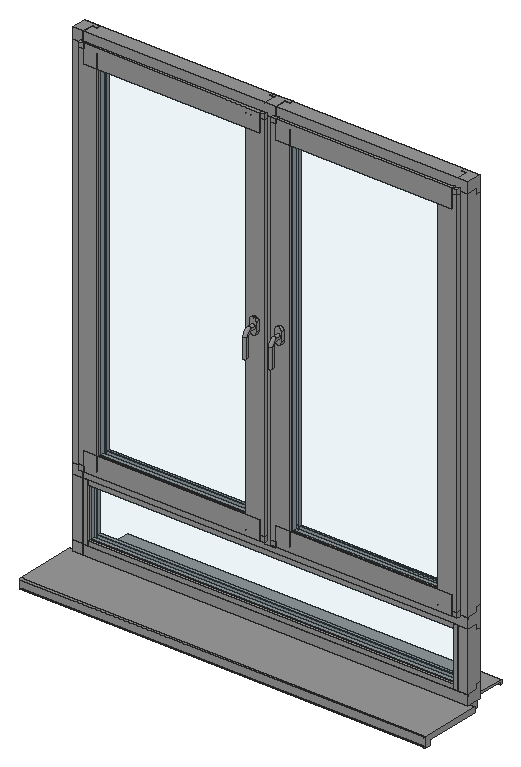
Revit family "deceuninck_okonniy_blok_dvustvorchatiy_s_framugoi_snizu", category Окна, Revit 2016
Family settings
  Основа = Стена
  Номер OmniClass = 23.30.20.00
  Заголовок OmniClass = Windows
  Всегда вертикально = Да
  При загрузке вырезать с полостями = Нет
  Общий = Нет
  Точка расчета площади = Нет
Parameters (values of type "Энвин ЭКО-60")
  Ширина профиля = 60 mm
  Ширина проема [instance] = ADSK_Ширина рамы + Монтажный зазор.Левый + Монтажный зазор.Правый  # 1640 mm
  Шир прав створка [instance] = if(Одинаковые створки, ADSK_Ширина рамы / 2, Створка правая.Ширина)  # 800 mm
  Четверть.Ширина [instance] = 65 mm
  Четверть.Правая [instance] = if(and(Четверть правая.Видимость, Четверть), Четверть.Ширина, 0 mm)  # 65 mm
  Четверть.Левая [instance] = if(and(Четверть левая.Видимость, Четверть), Четверть.Ширина, 0 mm)  # 65 mm
  Четверть.Глубина [instance] = 120 mm
  Четверть.Высота [instance] = 65 mm
  Четверть правая.Видимость [instance] = yes
  Четверть левая.Видимость [instance] = yes
  Четверть.Врхняя [instance] = if(Четверть, Четверть.Высота, 0 mm)  # 65 mm
  Четверть [instance] = yes
  Цвет профиля = ""
  Фрамуга нижняя.Высота [instance] = ADSK_Высота рамы - Высота створки  # 300 mm
  Формула стеклопакета = ""
  Толщина стеклопакета = "32"
  Стеклопакет.Толщина = 32 mm
  Створка правая.Ширина [instance] = 800 mm
  Створка правая [instance] = stvorka : Поворотная право
  Створка левая.Ширина [instance] = ADSK_Ширина рамы - Шир прав створка  # 800 mm
  Створка левая [instance] = stvorka : Поворотная лево
  Система фурнитуры [instance] = ""
  Расчетное значение ветровой нагрузки [instance] = 400
  Рама.Окно.Ширина [instance] = 1600 mm
  Рама.Окно.Высота [instance] = 1900 mm
  Профильная система = "Энвин ЭКО 60"
  Проем.Окно.Ширина [instance] = 1640 mm
  Проем.Окно.Высота [instance] = 1955 mm
  Приточный клапан [instance] = no
  Watermarked By = ""
  Rough Width = 0 mm  # constant formula
  Rough Height = 0 mm  # constant formula
  Подоконник.Глубина [instance] = 0 mm
  Подоконник. Видимость [instance] = yes
  Подоконник [instance] = podokonnik : ПВХ 250
  Площаль элемента [instance] = ADSK_Ширина рамы * ADSK_Высота рамы / 1000000 mm  # 3.04 mm
  Отлив.Свес [instance] = 35 mm
  Отлив.Видимость [instance] = yes
  Откосы.Глубина [instance] = 310 mm
  Одинаковые створки [instance] = no
  Огнестойкость = "E-15"
  Наименование = "Окно 2-створчатое с фрамугой снизу\n Энвин ЭКО-60"
  Монтажный зазор.Спереди [instance] = 10 mm
  Монтажный зазор.Правый [instance] = if(Четверть правая.Видимость, Монтажный зазор.Боковой, 0 mm)  # 20 mm
  Монтажный зазор.Низ [instance] = 10 mm
  Монтажный зазор.Левый [instance] = if(Четверть левая.Видимость, Монтажный зазор.Боковой, 0 mm)  # 20 mm
  Монтажный зазор.Верх [instance] = 20 mm
  Монтажный зазор.Боковой = 20 mm
  Материал-Стеклопакет = none
  Материал-Рама = none
  Материал-Подоконник = ПВХ, белый
  Материал-Отлив = Лист оцинкованый, белый
  Класс профиля = "Тип В"
  Завод-изготовитель [instance] = "ООО Декёнинк Рус, Россия"  # constant formula
  ГОСТ = "ГОСТ 30673-2013"
  Высота створки [instance] = 1600 mm
  Высота профиля створки = 76 mm
  Высота профиля рамы = 62 mm
  Высота профиля имоста = 82 mm
  Высота проема [instance] = ADSK_Высота рамы + 25 mm + Монтажный зазор.Верх + Монтажный зазор.Низ  # 1955 mm
  Height = 0 mm  # constant formula
  Высота подоконника по умолчанию = 800 mm
  Замыкание стены = По основе
  Width = 0 mm  # constant formula
  Артикул створки/армирование рстворки = "ZE 60D  /  AR1"
  Артикул рамы/армирование рамы = "LE 60D  /  AR1"
  Артикул импоста/армирование импоста = "TE 60D  /  20 x 35"
  Аналитическая конструкция = "<Нет>"
  λ краевой зоны стеклопакета = 0.0600 (m²·K)/W
  Rстеклопакета = 0.7600 (m²·K)/W
  Rпрофиля = 0.6800 (m²·K)/W
  Rпривед [instance] = 1 / (((Ширина профиля / 1000 mm) * (5.4 - 4 * (Ширина профиля / 1000 mm)) / (1.8 * Rпрофиля / Rед)) + ((1.2 - 2 * (Ширина профиля / 1000 mm)) * (1.5 - 2 * (Ширина профиля / 1000 mm)) / (1.8 * Rстеклопакета / Rед)) + (5.4 - 8 * (Ширина профиля / 1000 mm)) * (λ краевой зоны стеклопакета / Rед))  # 0.61064
  Rед = 1.0000 (m²·K)/W
  Iфактич [instance] = ""
  Iтреб [instance] = (((Расчетное значение ветровой нагрузки / 1000000) * ((ADSK_Высота рамы / 10) ^ 4) * (Шир прав створка / 20)) / (1 mm * 1920 mm * 210000 mm * (ADSK_Высота рамы / 3000)) * (25 - (40 * ((Шир прав створка / 20) / ADSK_Высота рамы) ^ 2) + (16 * ((Шир прав створка / 20) / ADSK_Высота рамы) ^ 4))) + (((Расчетное значение ветровой нагрузки / 1000000) * ((ADSK_Высота рамы / 10) ^ 4) * (Створка левая.Ширина / 20)) / (1 mm * 1920 mm * 210000 mm * (ADSK_Высота рамы / 3000)) * (25 - (40 * ((Створка левая.Ширина / 20) / ADSK_Высота рамы) ^ 2) + (16 * ((Створка левая.Ширина / 20) / ADSK_Высота рамы) ^ 4)))  # 4.08 mm
  ADSK_Ширина рамы [instance] = 1600 mm
  ADSK_Позиция [instance] = ""
  ADSK_Высота рамы [instance] = 1900 mm
Reference planes
  plane 1 "По центру (Вперед/Назад)": y = 0
  plane 2 "По центру (Влево/Вправо)": x = 0
  plane 3 "Подоконник": z = 800
  plane 4 "Наружный": y = 250
  plane 5 "Внутренние": y = -250
  plane 6: x = -820
  plane 7: x = 820
  plane 8: x = -755
  plane 9: x = 755
  plane 10: y = 130
  plane 11: z = 2700
  plane 12: x = -800
  plane 13: x = 800
  plane 14: z = 775
  plane 15: z = 2720
  plane 16: z = 765
  plane 17: z = 2655
  plane 18: y = 120
  plane 19: y = 60
  plane 20: x = -738
  plane 21: x = 738
  plane 22: z = 2638
  plane 23: z = 862
  plane 24: x = 0
  plane 25: x = -41
  plane 26: x = 41
  plane 27: y = 107
  plane 28: y = 70
  plane 29: y = 450
  plane 30: z = 1100
Forms (mm)
  Extrusion 1, void
    sketch origin (0, -250, 0) x (1, 0, 0) y (0, 0, 1)
      loop
        line (-820, 2720) -> (-820, 765) -> (820, 765) -> (820, 2720) -> (-820, 2720)
    from 0 to -380
  Extrusion 2, void
    sketch origin (-2200.521, 130, 1000) x (1, 0, 0) y (0, 0, 1)
      loop
        line (1445.521, 1655) -> (1445.521, -235) -> (2955.521, -235) -> (2955.521, 1655) -> (1445.521, 1655)
    from 0 to -320
  Extrusion 3, solid, material <- "Материал-Рама", detail levels fine
    sketch origin (0, 0, 800) x (0, -1, 0) y (-1, 0, 0)
      loop
        line (-120, 800) -> (-120, 738) -> (-107, 738) -> (-107, 758) -> (-60, 758) -> (-60, 800) -> (-120, 800)
      loop
        line (-120, -738) -> (-120, -800) -> (-60, -800) -> (-60, -758) -> (-107, -758) -> (-107, -738) -> (-120, -738)
    from 0 to -1900
  Extrusion 4, solid, material <- "Материал-Рама", detail levels fine
    sketch origin (-750, 0, 0) x (0, -1, 0) y (0, 0, 1)
      loop
        line (-60, 800) -> (-60, 842) -> (-107, 842) -> (-107, 862) -> (-120, 862) -> (-120, 800) -> (-60, 800)
      loop
        line (-60, 2658) -> (-60, 2700) -> (-120, 2700) -> (-120, 2638) -> (-107, 2638) -> (-107, 2658) -> (-60, 2658)
    from 50 to -1550
  Extrusion 5, solid, material <- "Материал-Рама", detail levels fine
    sketch origin (0, 0, 800) x (0, -1, 0) y (-1, 0, 0)
      loop
        line (-120, 41) -> (-120, -41) -> (-107, -41) -> (-107, -21) -> (-60, -21) -> (-60, 21) -> (-107, 21) -> (-107, 41) -> (-120, 41)
    from -300 to -1900
  Extrusion 6, solid, material <- "Материал-Рама"
    sketch origin (-233.865, 107, 2257) x (0, 0, 1) y (-1, 0, 0)
      loop
        line (-1457, 566.135) -> (-1482, 566.135) -> (-1482, -1033.865) -> (-1457, -1033.865) -> (-1457, 566.135)
    from 0 to 37
  Extrusion 7, solid, material "Лист оцинкованый, белый" <- "Материал-Отлив", visible <- "Отлив.Видимость", detail levels fine
    sketch origin (755, 531.754, 1000) x (0, 1, 0) y (0, 0, 1)
      loop
        line (-424.754, -225) -> (-251.754, -225) -> (-251.754, -235) -> (-246.754, -235) -> (-246.754, -220) -> (-424.754, -215) -> (-424.754, -225)
    from 0 to -1510
  Extrusion 8, solid, detail levels medium
    sketch origin (0, 0, 800) x (0, -1, 0) y (-1, 0, 0)
      loop
        line (-120, 800) -> (-120, 738) -> (-60, 738) -> (-60, 800) -> (-120, 800)
      loop
        line (-120, -800) -> (-60, -800) -> (-60, -738) -> (-120, -738) -> (-120, -800)
    from 0 to -1900
  Extrusion 9, solid, detail levels medium
    sketch origin (-750, 0, 0) x (0, -1, 0) y (0, 0, 1)
      loop
        line (-120, 2700) -> (-120, 2638) -> (-60, 2638) -> (-60, 2700) -> (-120, 2700)
      loop
        line (-60, 800) -> (-60, 862) -> (-120, 862) -> (-120, 800) -> (-60, 800)
    from -1550 to 50
  Extrusion 10, solid, detail levels coarse
    sketch origin (0, 0, 800) x (0, -1, 0) y (-1, 0, 0)
      loop
        line (-120, 800) -> (-120, 689) -> (-47, 689) -> (-47, 800) -> (-120, 800)
      loop
        line (-120, -800) -> (-47, -800) -> (-47, -689) -> (-120, -689) -> (-120, -800)
    from 0 to -1900
  Extrusion 11, solid, detail levels coarse
    sketch origin (-750, 0, 0) x (0, -1, 0) y (0, 0, 1)
      loop
        line (-120, 2590) -> (-47, 2590) -> (-47, 2700) -> (-120, 2700) -> (-120, 2590)
      loop
        line (-47, 800) -> (-47, 911) -> (-120, 911) -> (-120, 800) -> (-47, 800)
      loop
        line (-120, 1010) -> (-47, 1010) -> (-47, 1190) -> (-120, 1190) -> (-120, 1010)
    from -1550 to 50
  Extrusion 12, solid, detail levels medium
    sketch origin (0, 0, 800) x (0, -1, 0) y (-1, 0, 0)
      loop
        line (-120, 21) -> (-120, -21) -> (-60, -21) -> (-60, 21) -> (-120, 21)
    from -300 to -1900
  Extrusion 13, solid, detail levels fine
    sketch origin (-750, 0, 0) x (0, -1, 0) y (0, 0, 1)
      loop
        line (-60, 1079) -> (-60, 1121) -> (-107, 1121) -> (-107, 1141) -> (-120, 1141) -> (-120, 1059) -> (-107, 1059) -> (-107, 1079) -> (-60, 1079)
    from -1550 to 50
  Extrusion 14, solid, detail levels medium
    sketch origin (-750, 0, 0) x (0, -1, 0) y (0, 0, 1)
      loop
        line (-60, 1121) -> (-120, 1121) -> (-120, 1079) -> (-60, 1079) -> (-60, 1121)
    from -1550 to 50
  Extrusion 15, solid, detail levels coarse
    sketch origin (0, 0, 0) x (1, 0, 0) y (0, 1, 0)
      loop
        line (-89, 120) -> (-89, 47) -> (89, 47) -> (89, 120) -> (-89, 120)
    from 1100 to 2700
Lines and regions (mm)
  symbolic lines, style "Windows"
    curve 1: line (-800, 130, 0) -> (800, 130, 0)
Text (mm)
  text "Наружный" at (0, 923.751, 2943.296), in view "Справа"
  text "Наружный" at (0, 1040.484, 2685.409), in view "Слева"
Dimensions and locks
  "Высота подоконника по умолчанию": plane 3 "Подоконник" to level
  locked: plane 4 "Наружный" to host wall at 0
  locked: plane 5 "Внутренние" to host wall
  "Четверть.Глубина": plane 10 to plane 4 "Наружный"
  "ADSK_Высота рамы": plane 11 to plane 3 "Подоконник"
  "Монтажный зазор.Верх": plane 15 to plane 11
  locked: plane 3 "Подоконник" to plane 14 at 25
  "Монтажный зазор.Низ": plane 14 to plane 16
  "Четверть.Врхняя": plane 15 to plane 17
  equal spacing: plane 13, plane 2 "По центру (Влево/Вправо)", plane 12
  "ADSK_Ширина рамы": plane 13 to plane 12
  "Четверть.Левая": plane 8 to plane 6
  "Четверть.Правая": plane 7 to plane 9
  "Монтажный зазор.Левый": plane 12 to plane 6
  "Монтажный зазор.Правый": plane 13 to plane 7
  "Монтажный зазор.Спереди": plane 10 to plane 18
  "Ширина профиля": plane 18 to plane 19
  "Высота профиля рамы": plane 12 to plane 20
  locked: Extrusion 3 sketch curve to Extrusion 3 sketch curve at 13  (x2)
  locked: Extrusion 3 sketch curve to Extrusion 3 sketch curve at 20  (x2)
  "Высота профиля рамы": plane 21 to plane 13
  "Высота профиля рамы": plane 11 to plane 22
  "Высота профиля рамы": plane 3 "Подоконник" to plane 23
  locked: Extrusion 4 sketch curve to Extrusion 4 sketch curve at 13  (x2)
  locked: Extrusion 4 sketch curve to Extrusion 4 sketch curve at 20  (x2)
  "Шир прав створка": plane 13 to plane 24
  equal spacing: plane 25, plane 24, plane 26
  "Высота профиля имоста": plane 25 to plane 26
  locked: Extrusion 5 sketch curve to plane 26 at 20
  locked: plane 25 to Extrusion 5 sketch curve at 20
  locked: plane 18 to plane 27 at 13
  locked: plane 28 to plane 19 at 10
  locked: Extrusion 7 sketch curve to Extrusion 7 sketch curve at 5  (x2)
  locked: Extrusion 7 sketch curve to Extrusion 7 sketch curve at 10
  "Отлив.Свес": Extrusion 7 to plane 4 "Наружный"
  locked: plane 4 "Наружный" to plane 29 at 200
  "Откосы.Глубина": plane 19 to plane 5 "Внутренние"
  locked: Extrusion 13 sketch curve to Extrusion 13 sketch curve at 20  (x2)
  "Высота профиля имоста": Extrusion 13 sketch curve to Extrusion 13 sketch curve
  equal spacing: Extrusion 13 sketch curve, plane 30, Extrusion 13 sketch curve
  "Высота створки": plane 11 to plane 30
  "Проем.Окно.Ширина": plane 7 to plane 6
  "Рама.Окно.Ширина": plane 13 to plane 12
  "Проем.Окно.Высота": plane 15 to plane 16
  "Рама.Окно.Высота": plane 11 to plane 3 "Подоконник"
  aligned and locked: Extrusion 1 sketch curve to plane 15
  aligned and locked: Extrusion 1 sketch curve to plane 6
  aligned and locked: Extrusion 1 sketch curve to plane 7
  aligned and locked: Extrusion 1 sketch curve to plane 16
  aligned and locked: plane 10 to Extrusion 1
  aligned and locked: Extrusion 2 sketch curve to plane 17
  aligned and locked: Extrusion 2 sketch curve to plane 8
  aligned and locked: Extrusion 2 sketch curve to plane 9
  aligned and locked: Extrusion 2 sketch curve to plane 16
  aligned and locked: Extrusion 3 sketch curve to plane 18
  aligned and locked: Extrusion 3 sketch curve to plane 19
  aligned and locked: Extrusion 3 sketch curve to plane 20
  aligned and locked: Extrusion 3 sketch curve to plane 12
  aligned and locked: plane 18 to Extrusion 3 sketch curve
  aligned and locked: plane 19 to Extrusion 3 sketch curve
  aligned and locked: Extrusion 3 sketch curve to plane 13
  aligned and locked: Extrusion 3 sketch curve to plane 21
  aligned and locked: plane 11 to Extrusion 3
  aligned and locked: Extrusion 4 sketch curve to plane 19  (x2)
  aligned and locked: Extrusion 4 sketch curve to plane 18  (x2)
  aligned and locked: Extrusion 4 sketch curve to plane 23
  aligned and locked: Extrusion 4 sketch curve to plane 3 "Подоконник"
  aligned and locked: Extrusion 4 sketch curve to plane 22
  aligned and locked: Extrusion 4 sketch curve to plane 11
  aligned and locked: Extrusion 4 to plane 13
  aligned and locked: Extrusion 4 to plane 12
  aligned and locked: Extrusion 5 sketch curve to plane 18
  aligned and locked: Extrusion 5 sketch curve to plane 19
  aligned and locked: plane 11 to Extrusion 5
  aligned and locked: Extrusion 6 sketch curve to plane 12
  aligned and locked: Extrusion 6 sketch curve to plane 3 "Подоконник"
  aligned and locked: Extrusion 6 sketch curve to plane 14
  aligned and locked: plane 13 to Extrusion 6 sketch curve
  aligned and locked: plane 28 to Extrusion 6
  aligned and locked: nested 1 to plane 3 "Подоконник"
  aligned and locked: plane 28 to nested 1
  aligned and locked: nested 1 to plane 2 "По центру (Влево/Вправо)"
  aligned and locked: plane 14 to Extrusion 7 sketch curve
  aligned and locked: Extrusion 7 to plane 8
  aligned and locked: plane 27 to Extrusion 7 sketch curve
  aligned and locked: plane 29 to Extrusion 2
  aligned and locked: curve 1 to plane 10
  aligned and locked: plane 11 to Extrusion 8
  aligned and locked: Extrusion 9 sketch curve to plane 11
  aligned and locked: Extrusion 9 sketch curve to plane 22
  aligned and locked: Extrusion 9 sketch curve to plane 19  (x2)
  aligned and locked: Extrusion 9 sketch curve to plane 18  (x2)
  aligned and locked: Extrusion 9 sketch curve to plane 3 "Подоконник"
  aligned and locked: Extrusion 9 sketch curve to plane 23
  aligned and locked: Extrusion 9 to plane 13
  aligned and locked: Extrusion 8 sketch curve to plane 20
  aligned and locked: Extrusion 8 sketch curve to plane 19  (x2)
  aligned and locked: Extrusion 8 sketch curve to plane 12
  aligned and locked: plane 13 to Extrusion 8 sketch curve
  aligned and locked: plane 21 to Extrusion 8 sketch curve
  aligned and locked: Extrusion 10 sketch curve to plane 12
  aligned and locked: Extrusion 10 sketch curve to plane 18  (x2)
  aligned and locked: plane 13 to Extrusion 10 sketch curve
  aligned and locked: plane 11 to Extrusion 10
  aligned and locked: Extrusion 11 sketch curve to plane 18  (x2)
  aligned and locked: Extrusion 10 to Extrusion 11 sketch curve  (x2)
  aligned and locked: Extrusion 11 sketch curve to plane 11
  aligned and locked: Extrusion 11 sketch curve to plane 3 "Подоконник"
  aligned and locked: Extrusion 11 to plane 13
  aligned and locked: Extrusion 8 sketch curve to plane 18  (x2)
  aligned and locked: Extrusion 12 sketch curve to Extrusion 5  (x3)
  aligned and locked: plane 11 to Extrusion 12
  aligned and locked: Extrusion 11 to plane 12
  aligned and locked: Extrusion 9 to plane 12
  aligned and locked: Extrusion 13 to plane 13
  aligned and locked: Extrusion 13 to plane 12
  aligned and locked: Extrusion 14 to plane 12
  aligned and locked: Extrusion 14 to plane 13
  aligned and locked: Extrusion 14 sketch curve to Extrusion 13  (x3)
  aligned and locked: Extrusion 13 to Extrusion 14 sketch curve
  aligned and locked: nested 2 to Extrusion 13
  aligned and locked: nested 2 to Extrusion 4
  aligned and locked: plane 27 to nested 2
  aligned and locked: nested 2 to Extrusion 3
  aligned and locked: nested 3 to Extrusion 13
  aligned and locked: plane 27 to nested 3
  aligned and locked: nested 3 to Extrusion 3
  aligned and locked: Extrusion 12 to nested 3
  aligned and locked: nested 4 to Extrusion 13
  aligned and locked: plane 27 to nested 4
  aligned and locked: Extrusion 3 to nested 4
  aligned and locked: nested 4 to Extrusion 12
  aligned and locked: nested 3 to Extrusion 4
  aligned and locked: nested 4 to Extrusion 4
  aligned and locked: Extrusion 11 sketch curve to nested 4
  aligned and locked: Extrusion 3 to nested 2
  aligned and locked: Extrusion 12 to plane 30
  aligned and locked: Extrusion 5 to Extrusion 12
  aligned and locked: Extrusion 15 sketch curve to plane 18
  aligned and locked: Extrusion 11 to Extrusion 15 sketch curve
  aligned and locked: Extrusion 15 sketch curve to nested 4
  aligned and locked: nested 3 to Extrusion 15 sketch curve
  aligned and locked: Extrusion 15 to Extrusion 5
  aligned and locked: plane 11 to Extrusion 15
Automatic sketch dimensions
  host wall to Extrusion 7 sketch curve = 30 mm
  Extrusion 7 sketch curve to Extrusion 7 sketch curve = 10 mm
  Extrusion 5 sketch curve to plane 26 = 0 mm
  plane 27 to Extrusion 5 sketch curve = 0 mm  (x2)
  Extrusion 5 sketch curve to plane 25 = 0 mm
  curve 1 to plane 12 = 0 mm
  curve 1 to plane 13 = 0 mm
  Extrusion 11 sketch curve to plane 19 = 13 mm  (x2)
  Extrusion 10 sketch curve to plane 19 = 13 mm  (x2)
  plane 20 to Extrusion 10 sketch curve = 49 mm
  plane 30 to Extrusion 11 sketch curve = 90 mm
  plane 21 to Extrusion 10 sketch curve = 49 mm
  plane 23 to Extrusion 11 sketch curve = 49 mm
  Extrusion 11 sketch curve to plane 30 = 90 mm
  Extrusion 12 sketch curve to plane 18 = 0 mm
  Extrusion 13 sketch curve to plane 18 = 0 mm
  Extrusion 13 sketch curve to plane 27 = 0 mm  (x2)
  Extrusion 13 sketch curve to plane 19 = 0 mm
  Extrusion 13 sketch curve to plane 30 = 41 mm
Nested families
  nested 1: "podokonnik" at (0, 70, 800), Материал-Подоконник <- "Материал-Подоконник", Длина подоконника <- "Ширина проема", type <- "Подоконник", visible <- "Подоконник. Видимость", type "ПВХ 250", detail levels fine
    with Материал-Подоконник ПВХ, белый, Длина подоконника 1640 mm
  nested 2: "stvorka" at (0, 107, 842), Профиль.Ширина <- "Ширина профиля", Стеклопакет.Толщина <- "Стеклопакет.Толщина", Профиль.Высота <- "Высота профиля створки", type "Глухая"
    with Стеклопакет.Толщина 32 mm, Створка.Ширина 1516 mm, Створка.Высота 237 mm, Ручка.Расстояние от низа створки 118.5 mm, Профиль.Ширина 60 mm, Профиль.Высота 76 mm, Материал.Профиль none
  nested 3: "stvorka" at (389.5, 107, 1121), Профиль.Ширина <- "Ширина профиля", Стеклопакет.Толщина <- "Стеклопакет.Толщина", type <- "Створка правая", Профиль.Высота <- "Высота профиля створки", type "Поворотная право"
    with Стеклопакет.Толщина 32 mm, Створка.Ширина 737 mm, Створка.Высота 1537 mm, Ручка.Расстояние от низа створки 768.5 mm, Профиль.Ширина 60 mm, Профиль.Высота 76 mm, Материал.Профиль none
  nested 4: "stvorka" at (-389.5, 107, 1121), Профиль.Ширина <- "Ширина профиля", Стеклопакет.Толщина <- "Стеклопакет.Толщина", type <- "Створка левая", Профиль.Высота <- "Высота профиля створки", type "Поворотная лево"
    with Стеклопакет.Толщина 32 mm, Створка.Ширина 737 mm, Створка.Высота 1537 mm, Ручка.Расстояние от низа створки 768.5 mm, Профиль.Ширина 60 mm, Профиль.Высота 76 mm, Материал.Профиль none
Definition of nested family "podokonnik"
  Parameters (values of type "ПВХ 150")
    Материал-Подоконник [instance] = none
    Длина подоконника [instance] = 1500 mm
    Глубина подоконника = 150 mm
    Watermarked By = ""
    Type Comments = "﻿﻿              ​     ​                                                 ​     ﻿                                       ​  ﻿﻿          ﻿﻿            ﻿﻿   ﻿        ﻿          ﻿﻿"
    Keynote = "﻿﻿              ​     ​                                                 ​     ﻿                                       ​  ﻿﻿          ﻿﻿            ﻿﻿   ﻿        ﻿          ﻿﻿"
    Description = "﻿﻿              ​     ​                                                 ​     ﻿                                       ​  ﻿﻿          ﻿﻿            ﻿﻿   ﻿        ﻿          ﻿﻿"
    Assembly Code = "﻿﻿              ​     ​                                                 ​     ﻿                                       ​  ﻿﻿          ﻿﻿            ﻿﻿   ﻿        ﻿          ﻿﻿"
  Types (13, lengths in mm): name | Глубина подоконника
    ПВХ 100 | 100
    ПВХ 150 | 150
    ПВХ 200 | 200
    ПВХ 250 | 250
    ПВХ 300 | 300
    ПВХ 350 | 350
    ПВХ 400 | 400
    ПВХ 450 | 450
    ПВХ 500 | 500
    ПВХ 550 | 550
    ПВХ 600 | 600
    ПВХ 650 | 650
    ПВХ 700 | 700
  Reference planes
    plane 1 "По центру (Вперед/Назад)": y = 0
    plane 2: z = 0
    plane 3 "По центру (Влево/Вправо)": x = 0
    plane 4: y = -150
    plane 5: x = 750
    plane 6: x = -750
  Forms (mm)
    Extrusion 1, solid, material <- "Материал-Подоконник"
      sketch origin (0, 0, 0) x (0, 1, 0) y (0, 0, 1)
        loop
          line (0, 0) -> (-146, 0)
          arc (-146, 0) -> (-148.828, -1.172) -> (-150, -4) r 4
          line (-150, -4) -> (-150, -36)
          arc (-150, -36) -> (-148.828, -38.828) -> (-146, -40) r 4
          line (-146, -40) -> (-130, -40) -> (-130, -20) -> (0, -20) -> (0, 0)
      from -750 to 750
  Dimensions and locks
    "Глубина подоконника": plane 1 "По центру (Вперед/Назад)" to plane 4
    equal spacing: plane 6, plane 3 "По центру (Влево/Вправо)", plane 5
    "Длина подоконника": plane 6 to plane 5
    aligned and locked: level to plane 2
    aligned and locked: plane 2 to Extrusion 1 sketch curve
    aligned and locked: plane 4 to Extrusion 1 sketch curve  (x2)
    aligned and locked: plane 5 to Extrusion 1
    aligned and locked: Extrusion 1 to plane 6
  Automatic sketch dimensions
    Extrusion 1 sketch curve to plane 1 "По центру (Вперед/Назад)" = 0 mm
    Extrusion 1 sketch curve to level = 20 mm
    Extrusion 1 sketch curve to level = 4 mm
    Extrusion 1 sketch curve to Extrusion 1 sketch curve = 16 mm  (x2)
    Extrusion 1 sketch curve to Extrusion 1 sketch curve = 4 mm
Definition of nested family "stvorka"
  Parameters (values of type "Глухая")
    Стеклопакет.Толщина [instance] = 32 mm
    Створка.Ширина [instance] = 600 mm
    Створка.Открытие = not(Створка.Глухая)  # no
    Створка.Высота [instance] = 1500 mm
    Ручка.Расстояние от низа створки [instance] = Створка.Высота / 2  # 750 mm
    Ручка справа = no
    Ручка снизу = no
    Ручка слева = no
    Ручка сверху. = no
    Профиль.Ширина [instance] = 58 mm
    Профиль.Высота [instance] = 77 mm
    Открывание правое = no
    Открывание низ = no
    Открывание левое = no
    Открывание верх = no
    Створка.Глухая = yes
    Материал.Стеклопакет = none
    Материал.Профиль [instance] = none
    Watermarked By = ""
    Type Comments = "﻿﻿              ​     ​                                                 ​     ﻿                                       ​  ﻿﻿          ﻿﻿            ﻿﻿   ﻿        ﻿          ﻿﻿"
    Keynote = "﻿﻿              ​     ​                                                 ​     ﻿                                       ​  ﻿﻿          ﻿﻿            ﻿﻿   ﻿        ﻿          ﻿﻿"
    Description = "﻿﻿              ​     ​                                                 ​     ﻿                                       ​  ﻿﻿          ﻿﻿            ﻿﻿   ﻿        ﻿          ﻿﻿"
    Assembly Code = "﻿﻿              ​     ​                                                 ​     ﻿                                       ​  ﻿﻿          ﻿﻿            ﻿﻿   ﻿        ﻿          ﻿﻿"
    Analytic Construction = "<Нет>"
  Types (5, lengths in mm): name | Створка.Ширина | Створка.Открытие | Створка.Высота | Ручка.Расстояние от низа створки | Ручка справа | Ручка слева | Открывание правое | Открывание левое | Открывание верх | Створка.Глухая
    Глухая | 600 | no | 1500 | 750 | no | no | no | no | no | yes
    Поворотная право | 600 | yes | 1500 | 750 | no | yes | yes | no | no | no
    Поворотная лево | 600 | yes | 1500 | 750 | yes | no | no | yes | no | no
    Поворотно-откидная право | 600 | yes | 1500 | 750 | no | yes | yes | no | yes | no
    Поворотно-откидная лево | 700 | yes | 1400 | 700 | yes | no | no | yes | yes | no
  Reference planes
    plane 1 "По центру (Вперед/Назад)": y = 0
    plane 2: z = 0
    plane 3 "По центру (Влево/Вправо)": x = 0
    plane 4: x = -288
    plane 5: x = 288
    plane 6: y = -58
    plane 7: z = 1500
    plane 8: y = -16
    plane 9: y = -48
    plane 10: y = -51
    plane 11: x = -300
    plane 12: x = 300
    plane 13: z = 12
    plane 14: z = -8
    plane 15: z = 1508
    plane 16: z = 1488
    plane 17: z = 750
    plane 18: x = -308
    plane 19: x = -231
    plane 20: x = 308
    plane 21: x = 231
    plane 22: z = 1431
    plane 23: z = 69
    plane 24: z = 750
  Forms (mm)
    Extrusion 1, solid, material <- "Материал.Профиль", visible <- "Створка.Открытие", detail levels fine
      sketch origin (0, 0, 0) x (1, 0, 0) y (0, 1, 0)
        loop
          line (-288, 0) -> (-288, -45) -> (-308, -45) -> (-308, -58) -> (-231, -58) -> (-231, -51) -> (-251, -51) -> (-251, -13) -> (-231, -13) -> (-234, 0) -> (-288, 0)
        loop
          line (288, 0) -> (234, 0) -> (231, -13) -> (251, -13) -> (251, -51) -> (231, -51) -> (231, -58) -> (308, -58) -> (308, -45) -> (288, -45) -> (288, 0)
      from 12 to 1488
    Extrusion 2, solid, visible <- "Створка.Открытие", detail levels fine
      sketch origin (0, 0, 0) x (1, 0, 0) y (0, 1, 0)
        loop
          line (-251, -13) -> (-251, -51) -> (-231, -51) -> (-231, -48) -> (-241, -48) -> (-241, -16) -> (-231, -16) -> (-231, -13) -> (-251, -13)
        loop
          line (251, -13) -> (231, -13) -> (231, -16) -> (241, -16) -> (241, -48) -> (231, -48) -> (231, -51) -> (251, -51) -> (251, -13)
      from 49 to 1451
    Extrusion 3, solid, material <- "Материал.Профиль", visible <- "Створка.Открытие", detail levels fine
      sketch origin (0, 0, 12) x (0, 1, 0) y (0, 0, 1)
        loop
          line (-58, 57) -> (-58, -20) -> (-45, -20) -> (-45, 0) -> (0, 0) -> (0, 54) -> (-13, 57) -> (-13, 37) -> (-51, 37) -> (-51, 57) -> (-58, 57)
        loop
          line (-58, 1419) -> (-51, 1419) -> (-51, 1439) -> (-13, 1439) -> (-13, 1419) -> (0, 1422) -> (0, 1476) -> (-45, 1476) -> (-45, 1496) -> (-58, 1496) -> (-58, 1419)
      from -288 to 288
    Extrusion 4, solid, visible <- "Створка.Открытие", detail levels fine
      sketch origin (0, 0, 0) x (0, 1, 0) y (0, 0, 1)
        loop
          line (-16, 69) -> (-16, 59) -> (-48, 59) -> (-48, 69) -> (-51, 69) -> (-51, 49) -> (-13, 49) -> (-13, 69) -> (-16, 69)
        loop
          line (-51, 1451) -> (-51, 1431) -> (-48, 1431) -> (-48, 1441) -> (-16, 1441) -> (-16, 1431) -> (-13, 1431) -> (-13, 1451) -> (-51, 1451)
      from -251 to 251
    Extrusion 5, solid, material <- "Материал.Профиль", visible <- "Створка.Открытие", detail levels fine
      sketch origin (-963, -48, 1200) x (-1, 0, 0) y (0, 0, 1)
        loop
          line (-655, 308) -> (-675, 308) -> (-675, 288) -> (-655, 288) -> (-655, 308)
        loop
          line (-1251, 308) -> (-1271, 308) -> (-1271, 288) -> (-1251, 288) -> (-1251, 308)
        loop
          line (-675, -1188) -> (-675, -1208) -> (-655, -1208) -> (-655, -1188) -> (-675, -1188)
        loop
          line (-1271, -1188) -> (-1271, -1208) -> (-1251, -1208) -> (-1251, -1188) -> (-1271, -1188)
      from 3 to -10
    Extrusion 6, solid, material <- "Материал.Стеклопакет", visible <- "Створка.Открытие"
      sketch origin (0, -16, 59) x (0, -1, 0) y (1, 0, 0)
        loop
          line (0, 241) -> (0, -241) -> (32, -241) -> (32, 241) -> (0, 241)
      from 0 to 1382
    Extrusion 7, solid, material <- "Материал.Профиль", visible <- "Створка.Открытие", detail levels medium
      sketch origin (0, 0, 0) x (1, 0, 0) y (0, 1, 0)
        loop
          line (-231, 0) -> (-308, 0) -> (-308, -58) -> (-231, -58) -> (-231, 0)
        loop
          line (308, 0) -> (231, 0) -> (231, -58) -> (308, -58) -> (308, 0)
      from 12 to 1488
    Extrusion 8, solid, material <- "Материал.Профиль", visible <- "Створка.Открытие", detail levels medium
      sketch origin (0, 0, 0) x (0, 1, 0) y (0, 0, 1)
        loop
          line (0, 1508) -> (-58, 1508) -> (-58, 1431) -> (0, 1431) -> (0, 1508)
        loop
          line (0, 69) -> (-58, 69) -> (-58, -8) -> (0, -8) -> (0, 69)
      from -308 to 308
    Extrusion 9, solid, material <- "Материал.Профиль", visible <- "Створка.Глухая", detail levels fine
      sketch origin (0, 0, 0) x (0, 1, 0) y (0, 0, 1)
        loop
          line (-45, 1500) -> (-45, 1483) -> (-38, 1480) -> (-38, 1500) -> (-45, 1500)
        loop
          line (-45, 0) -> (-38, 0) -> (-38, 20) -> (-45, 17) -> (-45, 0)
      from -300 to 300
    Extrusion 10, solid, visible <- "Створка.Глухая", detail levels fine
      sketch origin (0, 0, 0) x (0, 1, 0) y (0, 0, 1)
        loop
          line (0, 1500) -> (-38, 1500) -> (-38, 1480) -> (-35, 1480) -> (-35, 1490) -> (-3, 1490) -> (-3, 1480) -> (0, 1480) -> (0, 1500)
        loop
          line (0, 0) -> (0, 20) -> (-3, 20) -> (-3, 10) -> (-35, 10) -> (-35, 20) -> (-38, 20) -> (-38, 0) -> (0, 0)
      from -300 to 300
    Extrusion 11, solid, visible <- "Створка.Глухая", detail levels fine
      sketch origin (0, 0, 0) x (1, 0, 0) y (0, 1, 0)
        loop
          line (-300, 0) -> (-300, -38) -> (-280, -38) -> (-280, -35) -> (-290, -35) -> (-290, -3) -> (-280, -3) -> (-280, 0) -> (-300, 0)
        loop
          line (300, 0) -> (280, 0) -> (280, -3) -> (290, -3) -> (290, -35) -> (280, -35) -> (280, -38) -> (300, -38) -> (300, 0)
      from 0 to 1500
    Extrusion 12, solid, material <- "Материал.Профиль", visible <- "Створка.Глухая", detail levels fine
      sketch origin (0, 0, 0) x (1, 0, 0) y (0, 1, 0)
        loop
          line (-300, -38) -> (-300, -45) -> (-282.357, -45) -> (-280, -38) -> (-300, -38)
        loop
          line (300, -38) -> (280, -38) -> (283, -45) -> (300, -45) -> (300, -38)
      from 0 to 1500
    Extrusion 13, solid, material <- "Материал.Стеклопакет", visible <- "Створка.Глухая"
      sketch origin (0, 0, 0) x (1, 0, 0) y (0, 1, 0)
        loop
          line (-290, -3) -> (-290, -35) -> (290, -35) -> (290, -3) -> (-290, -3)
      from 10 to 1490
    Extrusion 14, solid, material <- "Материал.Профиль", visible <- "Створка.Глухая", detail levels medium
      sketch origin (0, 0, 0) x (1, 0, 0) y (0, 1, 0)
        loop
          line (-280, 0) -> (-300, 0) -> (-300, -45) -> (-280, -45) -> (-280, 0)
        loop
          line (300, 0) -> (280, 0) -> (280, -45) -> (300, -45) -> (300, 0)
      from 0 to 1500
    Extrusion 15, solid, material <- "Материал.Профиль", visible <- "Створка.Глухая", detail levels medium
      sketch origin (-300, 682.027, 1200) x (0, 1, 0) y (0, 0, 1)
        loop
          line (-682.027, 280) -> (-682.027, 300) -> (-727.027, 300) -> (-727.027, 280) -> (-682.027, 280)
        loop
          line (-682.027, -1200) -> (-682.027, -1180) -> (-727.027, -1180) -> (-727.027, -1200) -> (-682.027, -1200)
      from 0 to 600
  Lines and regions (mm)
    symbolic lines, visible <- "Открывание правое"
      curve 1: line (231, 0, 1431) -> (-231, 0, 750)
      curve 2: line (-231, 0, 750) -> (231, 0, 69)
    symbolic lines, visible <- "Открывание левое"
      curve 3: line (-231, 0, 1431) -> (231, 0, 750)
      curve 4: line (231, 0, 750) -> (-231, 0, 69)
    symbolic lines, visible <- "Открывание верх"
      curve 5: line (-231, 0, 69) -> (0, 0, 1431)
      curve 6: line (0, 0, 1431) -> (231, 0, 69)
    symbolic lines, visible <- "Открывание низ"
      curve 7: line (-231, 0, 1431) -> (0, 0, 69)
      curve 8: line (0, 0, 69) -> (231, 0, 1431)
    symbolic lines, visible <- "Створка.Глухая"
      curve 9: line (0, 0, 700) -> (0, 0, 800)
      curve 10: line (-50, 0, 750) -> (50, 0, 750)
  Dimensions and locks
    locked: Extrusion 1 sketch curve to Extrusion 1 sketch curve at 13  (x2)
    "Профиль.Ширина": plane 1 "По центру (Вперед/Назад)" to plane 6
    "Стеклопакет.Толщина": plane 8 to plane 9
    locked: plane 8 to plane 1 "По центру (Вперед/Назад)" at 16
    locked: Extrusion 1 to Extrusion 2 sketch curve at 10
    locked: Extrusion 2 sketch curve to Extrusion 1 at 10
    locked: plane 9 to plane 10 at 3
    locked: Extrusion 3 sketch curve to Extrusion 3 sketch curve at 13  (x2)
    locked: Extrusion 4 sketch curve to Extrusion 3 at 10  (x2)
    "Створка.Высота": plane 7 to plane 2
    locked: plane 4 to plane 11 at 12
    locked: plane 12 to plane 5 at 12
    equal spacing: plane 12, plane 3 "По центру (Влево/Вправо)", plane 11
    "Створка.Ширина": plane 12 to plane 11
    locked: plane 15 to plane 7 at 8
    locked: plane 7 to plane 16 at 12
    locked: plane 2 to plane 14 at 8
    locked: plane 13 to plane 2 at 12
    "Профиль.Высота": plane 18 to plane 19
    "Профиль.Высота": plane 21 to plane 20
    locked: plane 21 to Extrusion 2 at 20
    "Профиль.Высота": plane 22 to plane 15
    locked: plane 11 to plane 18 at 8
    locked: plane 20 to plane 12 at 8
    locked: Extrusion 2 to plane 19 at 20
    "Профиль.Высота": plane 23 to plane 14
    "Ручка.Расстояние от низа створки": plane 17 to plane 2
    locked: nested 3 to plane 13 at 18.5
    locked: nested 4 to plane 16 at 18.5
    locked: nested 1 to plane 4 at 18.5
    locked: plane 5 to nested 2 at 18.5
    equal spacing: plane 7, plane 24, plane 2
    locked: Extrusion 10 sketch curve to Extrusion 10 sketch curve at 20  (x2)
    locked: plane 1 "По центру (Вперед/Назад)" to Extrusion 10 sketch curve at 3  (x2)
    "Стеклопакет.Толщина": Extrusion 10 sketch curve to Extrusion 10 sketch curve  (x2)
    locked: plane 11 to Extrusion 11 sketch curve at 10
    locked: Extrusion 11 sketch curve to Extrusion 11 sketch curve at 3  (x2)
    locked: Extrusion 11 sketch curve to plane 1 "По центру (Вперед/Назад)" at 3
    "Стеклопакет.Толщина": Extrusion 11 sketch curve to Extrusion 11 sketch curve  (x2)
    locked: Extrusion 11 sketch curve to plane 12 at 10
    locked: Extrusion 1 to Extrusion 11 sketch curve at 3
    locked: Extrusion 14 to Extrusion 15 sketch curve at 20  (x2)
    locked: Extrusion 11 to Extrusion 14 sketch curve at 20
    locked: Extrusion 14 sketch curve to Extrusion 14 sketch curve at 20
    curve 9 to plane 24 to curve 9 = 50 mm locked, 50 mm locked
    curve 10 to plane 3 "По центру (Влево/Вправо)" to curve 10 = 50 mm locked, 50 mm locked
    locked: Extrusion 7 to Extrusion 1 sketch curve at 13  (x2)
    locked: Extrusion 3 sketch curve to Extrusion 8 at 13  (x2)
    locked: Extrusion 4 to plane 23 at 20
    locked: Extrusion 4 to plane 22 at 20
    locked: Extrusion 14 to Extrusion 13 at 10
    locked: Extrusion 10 sketch curve to Extrusion 13 at 10
    aligned and locked: level to plane 2
    aligned and locked: Extrusion 1 sketch curve to plane 4
    aligned and locked: plane 6 to Extrusion 1 sketch curve
    aligned and locked: plane 1 "По центру (Вперед/Назад)" to Extrusion 1 sketch curve
    aligned and locked: plane 10 to Extrusion 1 sketch curve
    aligned and locked: Extrusion 2 sketch curve to Extrusion 1  (x9)
    aligned and locked: Extrusion 2 sketch curve to plane 9
    aligned and locked: Extrusion 2 sketch curve to plane 8
    aligned and locked: Extrusion 1 sketch curve to plane 5
    aligned and locked: Extrusion 1 sketch curve to plane 6
    aligned and locked: Extrusion 1 sketch curve to plane 1 "По центру (Вперед/Назад)"
    aligned and locked: Extrusion 1 to Extrusion 2 sketch curve
    aligned and locked: plane 6 to Extrusion 3 sketch curve
    aligned and locked: plane 1 "По центру (Вперед/Назад)" to Extrusion 3 sketch curve
    aligned and locked: plane 10 to Extrusion 3 sketch curve
    aligned and locked: plane 13 to Extrusion 3
    aligned and locked: plane 8 to Extrusion 4 sketch curve  (x2)
    aligned and locked: plane 9 to Extrusion 4 sketch curve
    aligned and locked: Extrusion 4 sketch curve to Extrusion 3  (x8)
    aligned and locked: Extrusion 3 to Extrusion 4 sketch curve  (x2)
    aligned and locked: plane 5 to Extrusion 3
    aligned and locked: plane 14 to Extrusion 3
    aligned and locked: Extrusion 3 to plane 4
    aligned and locked: Extrusion 4 to Extrusion 1  (x2)
    aligned and locked: Extrusion 2 to Extrusion 4
    aligned and locked: Extrusion 3 sketch curve to plane 6
    aligned and locked: Extrusion 3 sketch curve to plane 1 "По центру (Вперед/Назад)"
    aligned and locked: plane 15 to Extrusion 3 sketch curve
    aligned and locked: Extrusion 2 to Extrusion 4 sketch curve
    aligned and locked: Extrusion 1 to Extrusion 3  (x2)
    aligned and locked: Extrusion 5 sketch curve to plane 15
    aligned and locked: Extrusion 5 sketch curve to plane 16
    aligned and locked: Extrusion 5 sketch curve to plane 4
    aligned and locked: Extrusion 5 to plane 6
    aligned and locked: Extrusion 2 to Extrusion 3
    aligned and locked: plane 5 to Extrusion 5 sketch curve  (x2)
    aligned and locked: plane 16 to Extrusion 5 sketch curve
    aligned and locked: plane 15 to Extrusion 5 sketch curve
    aligned and locked: plane 18 to Extrusion 1 sketch curve
    aligned and locked: Extrusion 1 sketch curve to plane 19
    aligned and locked: plane 21 to Extrusion 1 sketch curve
    aligned and locked: Extrusion 1 sketch curve to plane 20
    aligned and locked: Extrusion 3 sketch curve to plane 14
    aligned and locked: plane 13 to Extrusion 3 sketch curve
    aligned and locked: Extrusion 3 sketch curve to plane 23
    aligned and locked: plane 22 to Extrusion 3 sketch curve
    aligned and locked: Extrusion 3 sketch curve to plane 16
    aligned and locked: Extrusion 6 sketch curve to plane 8
    aligned and locked: Extrusion 6 sketch curve to plane 9
    aligned and locked: Extrusion 6 sketch curve to Extrusion 2  (x2)
    aligned and locked: Extrusion 6 to Extrusion 4
    aligned and locked: plane 4 to Extrusion 5 sketch curve
    aligned and locked: plane 18 to Extrusion 5 sketch curve
    aligned and locked: plane 13 to Extrusion 5 sketch curve  (x2)
    aligned and locked: plane 14 to Extrusion 5 sketch curve  (x2)
    aligned and locked: Extrusion 5 sketch curve to plane 20
    aligned and locked: Extrusion 7 sketch curve to plane 1 "По центру (Вперед/Назад)"  (x2)
    aligned and locked: Extrusion 7 sketch curve to plane 6  (x2)
    aligned and locked: Extrusion 7 sketch curve to plane 18
    aligned and locked: Extrusion 7 sketch curve to plane 19
    aligned and locked: plane 20 to Extrusion 7 sketch curve
    aligned and locked: plane 21 to Extrusion 7 sketch curve
    aligned and locked: Extrusion 7 to Extrusion 1
    aligned and locked: Extrusion 1 to plane 16
    aligned and locked: Extrusion 7 to Extrusion 3
    aligned and locked: plane 1 "По центру (Вперед/Назад)" to Extrusion 8 sketch curve  (x2)
    aligned and locked: plane 6 to Extrusion 8 sketch curve  (x2)
    aligned and locked: plane 15 to Extrusion 8 sketch curve
    aligned and locked: plane 22 to Extrusion 8 sketch curve
    aligned and locked: Extrusion 8 sketch curve to plane 23
    aligned and locked: plane 14 to Extrusion 8 sketch curve
    aligned and locked: Extrusion 8 to Extrusion 1  (x2)
    aligned and locked: plane 3 "По центру (Влево/Вправо)" to nested 3
    aligned and locked: plane 3 "По центру (Влево/Вправо)" to nested 4
    aligned and locked: nested 1 to plane 17
    aligned and locked: nested 2 to plane 17
    aligned and locked: Extrusion 9 sketch curve to plane 7
    aligned and locked: Extrusion 10 sketch curve to plane 7
    aligned and locked: plane 1 "По центру (Вперед/Назад)" to Extrusion 10 sketch curve
    aligned and locked: Extrusion 10 sketch curve to Extrusion 10 sketch curve  (x2)
    aligned and locked: Extrusion 10 sketch curve to plane 1 "По центру (Вперед/Назад)"
    aligned and locked: Extrusion 9 sketch curve to plane 2
    aligned and locked: Extrusion 9 sketch curve to Extrusion 10
    aligned and locked: Extrusion 9 to plane 11
    aligned and locked: Extrusion 10 to plane 11
    aligned and locked: plane 12 to Extrusion 10
    aligned and locked: plane 12 to Extrusion 9
    aligned and locked: Extrusion 11 sketch curve to plane 11
    aligned and locked: Extrusion 11 sketch curve to plane 12
    aligned and locked: plane 1 "По центру (Вперед/Назад)" to Extrusion 11 sketch curve
    aligned and locked: Extrusion 12 sketch curve to Extrusion 11
    aligned and locked: Extrusion 12 sketch curve to plane 11
    aligned and locked: Extrusion 12 sketch curve to Extrusion 9  (x2)
    aligned and locked: Extrusion 10 to Extrusion 12 sketch curve
    aligned and locked: Extrusion 12 sketch curve to plane 12
    aligned and locked: plane 7 to Extrusion 12
    aligned and locked: plane 7 to Extrusion 11
    aligned and locked: Extrusion 13 sketch curve to Extrusion 11  (x4)
    aligned and locked: Extrusion 13 to Extrusion 10  (x2)
    aligned and locked: Extrusion 14 sketch curve to plane 1 "По центру (Вперед/Назад)"  (x2)
    aligned and locked: Extrusion 14 sketch curve to plane 11
    aligned and locked: Extrusion 14 sketch curve to plane 12
    aligned and locked: plane 7 to Extrusion 14
    aligned and locked: Extrusion 15 sketch curve to Extrusion 10
    aligned and locked: plane 7 to Extrusion 15 sketch curve
    aligned and locked: plane 2 to Extrusion 15 sketch curve
    aligned and locked: plane 1 "По центру (Вперед/Назад)" to Extrusion 15 sketch curve
    aligned and locked: curve 10 to plane 24
    aligned and locked: Extrusion 5 to Extrusion 1
    aligned and locked: plane 12 to Extrusion 15
    aligned and locked: Extrusion 9 to Extrusion 1  (x2)
    aligned and locked: Extrusion 15 sketch curve to Extrusion 9  (x2)
    aligned and locked: Extrusion 14 to Extrusion 1  (x2)
  Automatic sketch dimensions
    curve 4 to plane 19 = 0 mm
    curve 1 to plane 17 = 0 mm
    curve 1 to plane 19 = 0 mm
    curve 3 to plane 19 = 0 mm
    curve 6 to plane 3 "По центру (Влево/Вправо)" = 0 mm
    curve 9 to plane 3 "По центру (Влево/Вправо)" = 0 mm
    curve 8 to plane 3 "По центру (Влево/Вправо)" = 0 mm
    plane 21 to curve 8 = 0 mm
    curve 4 to plane 17 = 0 mm
    plane 21 to curve 4 = 0 mm
    plane 21 to curve 2 = 0 mm
    curve 7 to plane 23 = 0 mm
    curve 5 to plane 23 = 0 mm
    curve 2 to plane 23 = 0 mm
    curve 8 to plane 22 = 0 mm
    curve 3 to plane 22 = 0 mm
    curve 6 to plane 22 = 0 mm
    Extrusion 1 sketch curve to plane 19 = 0 mm
    Extrusion 1 sketch curve to plane 21 = 0 mm
    plane 10 to Extrusion 1 sketch curve = 0 mm
    Extrusion 1 sketch curve to Extrusion 1 sketch curve = 20 mm  (x2)
    Extrusion 1 sketch curve to plane 19 = 3 mm
    Extrusion 1 sketch curve to plane 21 = 3 mm
    Extrusion 2 sketch curve to plane 9 = 0 mm
    plane 8 to Extrusion 2 sketch curve = 0 mm
    Extrusion 3 sketch curve to plane 10 = 0 mm
    Extrusion 3 sketch curve to plane 23 = 0 mm
    plane 22 to Extrusion 3 sketch curve = 0 mm
    Extrusion 3 sketch curve to plane 23 = 3 mm
    Extrusion 3 sketch curve to plane 22 = 3 mm
    plane 20 to Extrusion 5 sketch curve = 0 mm
    Extrusion 5 sketch curve to plane 18 = 0 mm
    plane 9 to Extrusion 9 sketch curve = 10 mm
    plane 13 to Extrusion 9 sketch curve = 5 mm
    plane 13 to Extrusion 9 sketch curve = 8 mm
    plane 16 to Extrusion 9 sketch curve = 8 mm
    plane 16 to Extrusion 9 sketch curve = 5 mm
    plane 4 to Extrusion 12 sketch curve = 5.643 mm
    plane 4 to Extrusion 12 sketch curve = 8 mm
    Extrusion 12 sketch curve to plane 5 = 8 mm
    Extrusion 12 sketch curve to plane 5 = 5 mm
    plane 9 to Extrusion 9 sketch curve = 3 mm  (x2)
    Extrusion 3 sketch curve to plane 22 = 20 mm
    Extrusion 3 sketch curve to plane 23 = 20 mm
    plane 9 to Extrusion 14 sketch curve = 3 mm  (x2)
    plane 9 to Extrusion 10 sketch curve = 10 mm
    Extrusion 10 sketch curve to Extrusion 10 sketch curve = 3 mm
    Extrusion 10 sketch curve to plane 13 = 2 mm
    Extrusion 10 sketch curve to plane 16 = 2 mm
    plane 1 "По центру (Вперед/Назад)" to Extrusion 11 sketch curve = 0 mm
    plane 4 to Extrusion 11 sketch curve = 8 mm  (x2)
    Extrusion 11 sketch curve to plane 5 = 8 mm  (x2)
  Nested families
    nested 1: "ruchka" at (-269.5, -58, 750) x (1, 0, 0) z (0, -1, 0), visible <- "Ручка слева", type "ruchka", detail levels fine
    nested 2: "ruchka" at (269.5, -58, 750) x (1, 0, 0) z (0, -1, 0), visible <- "Ручка справа", Маериал.Ручка <- "Материал.Профиль", type "ruchka", detail levels fine
    nested 3: "ruchka" at (0, -58, 30.5) x (0, 0, 1) z (0, -1, 0), visible <- "Ручка снизу", Маериал.Ручка <- "Материал.Профиль", type "ruchka", detail levels fine
    nested 4: "ruchka" at (0, -58, 1469.5) x (0, 0, 1) z (0, -1, 0), visible <- "Ручка сверху.", Маериал.Ручка <- "Материал.Профиль", type "ruchka", detail levels fine
  Definition of nested family "ruchka"
    Parameters (values of type "ruchka")
      Watermarked By = ""
      Type Comments = "﻿﻿                           ﻿       ﻿     ﻿       ​         ​       ​   ​                  ﻿    ​            ﻿   ﻿                     ﻿     ﻿       ﻿   ​         ﻿       ﻿﻿"
      Keynote = "﻿﻿                           ﻿       ﻿     ﻿       ​         ​       ​   ​                  ﻿    ​            ﻿   ﻿                     ﻿     ﻿       ﻿   ​         ﻿       ﻿﻿"
      Description = "﻿﻿                           ﻿       ﻿     ﻿       ​         ​       ​   ​                  ﻿    ​            ﻿   ﻿                     ﻿     ﻿       ﻿   ​         ﻿       ﻿﻿"
      Default Elevation = 1219.2 mm
      Маериал.Ручка [instance] = none
      Assembly Code = "﻿﻿                           ﻿       ﻿     ﻿       ​         ​       ​   ​                  ﻿    ​            ﻿   ﻿                     ﻿     ﻿       ﻿   ​         ﻿       ﻿﻿"
      Analytic Construction = "<Нет>"
    Reference planes
      plane 1 "По центру (Вперед/Назад)": y = 0
      plane 2: z = 0
      plane 3 "По центру (Влево/Вправо)": x = 0
    Forms (mm)
      Extrusion 1, solid
        sketch origin (0, 0, 0) x (1, 0, 0) y (0, 1, 0)
          loop
            line (-1219.2, 1219.2) -> (-1219.2, -1219.2) -> (1219.2, -1219.2) -> (1219.2, 1219.2) -> (-1219.2, 1219.2)
        from 0 to -304.8
      Extrusion 2, solid, material <- "Маериал.Ручка"
        sketch origin (-1, 0, 0) x (0, -1, 0) y (1, 0, 0)
          loop
            arc (-18, 15) -> (-32, 1) -> (-18, -13) r 14
            line (-18, -13) -> (18, -13)
            arc (18, -13) -> (32, 1) -> (18, 15) r 14
            line (18, 15) -> (-18, 15)
        from 0 to 10
      Sweep 3, solid, material <- "Маериал.Ручка"
        path origin (0, 0, 0) x (0, -1, 0) y (0, 0, 1)
          loop
            line (0, 10) -> (0, 30)
            arc (0, 30) -> (7.903, 42.097) -> (20, 50) r 35.203
            line (20, 50) -> (100, 50)
        profile origin (0, 0, 20) x (0, 1, 0) y (-1, 0, 0)
          loop
            line (0, 7) -> (-7, 7) -> (-7, -7) -> (0, -7)
            arc (0, -7) -> (7, 0) -> (0, 7) r 7
    Dimensions and locks
      aligned and locked: plane 2 to Extrusion 1
      aligned and locked: level to Extrusion 1
